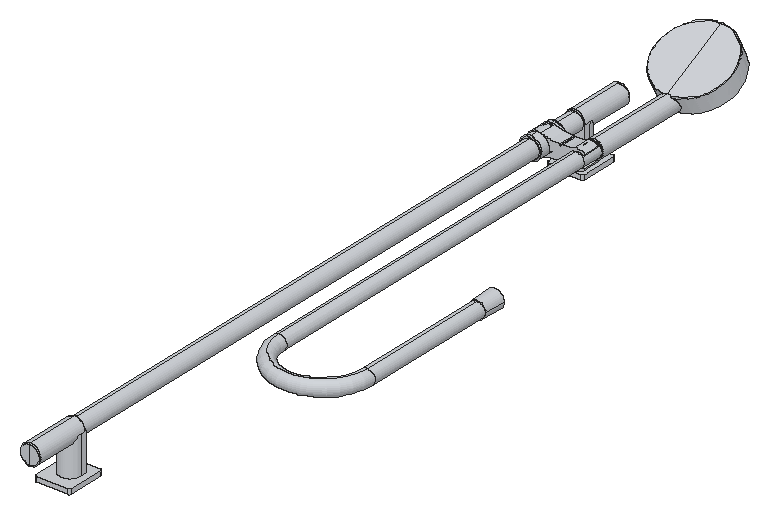
Revit family "Shower-Handshower-KOHLER-Awaken-K-99898", category Plumbing Fixtures, host Face, Revit 2015
Parameters (values of type "CP-Polished Chrome")
  Width = 4 13/16"  # constant formula
  URL = "http://www.us.kohler.com/us/"
  Type = 1
  Product Page URL = "http://www.us.kohler.com/onlinecatalog/detail.jsp?prod_num=99898"
  Product Name = "Awaken"  # constant formula
  Product Documentation Link = "http://www.us.kohler.com/onlinecatalog/pdf/K-99898_spec.pdf"
  Pressure = 0.00 psi
  Outlet Connection = ""
  Model = if(Type = 1, "K-99898-CP", if(Type = 2, "K-99898-BN", ""))  # "K-99898-CP"
  Material = "Premium Metal"  # constant formula
  MasterFormat 2004 = "22.41.39"  # constant formula
  MasterFormat 1995 = "15410"  # constant formula
  Manufacturer Address = "444 Highland Drive, Kohler, WI 53044"  # constant formula
  Manufacturer = "Kohler"  # constant formula
  Length = 8 25/32"  # constant formula
  Inlet Connection = ""
  Height = 46 9/16"  # constant formula
  HW Connection = yes
  Flow Rate = 2 GPM  # constant formula
  Finish = Metal-Kohler-CP-Polished Chrome
  Description = "G110 premium slidebar kit"  # constant formula
  Default Elevation = 42"
  Date Modified = "09/18/2017"  # constant formula
  Date Created = "08/30/2017"  # constant formula
  Copyright = "Copyright by Kohler Co."  # constant formula
  Contact Us = "https://www.us.kohler.com/us/static/contact.jsp"
  CW Connection = yes
  Assembly Code = "D2010700"
  ADA Compliant = yes
Types (3): name | Type | Model | Finish | Assembly Code
  (no name) | 1 | "K-99898-CP" | Metal-Kohler-CP-Polished Chrome | "D2010700"
  CP-Polished Chrome | 1 | "K-99898-CP" | Metal-Kohler-CP-Polished Chrome | "D2010700"
  BN-Vibrant Brushed Nickel | 2 | "K-99898-BN" | Metal-Kohler-BN-Vibrant Brushed Nickel | "D2010700\r\n"
Reference planes (in)
  plane 1 "Center (Front/Back)": y = 0
  plane 2: z = 0
  plane 3 "Center (Left/Right)": x = 0
  plane 4: y = -20.83139
  plane 5: y = 25.73111
  plane 6: x = 1.00394
  plane 7: x = -7.77731
  plane 8: z = 4.8125
Dimensions and locks (in)
  "Height": plane 4 to plane 5
  "Length": plane 7 to plane 6
  "Width": level to plane 8
  aligned and locked: plane 2 to host face
  aligned and locked: level to host face
Automatic sketch dimensions
  host sketch curve to host sketch curve = 96"  (x2)
Nested families (in)
  nested 1: "K_99898" at (-6.77352, 0, 0) x (1, 0, 0) z (0, 1, 0), type "K_99898"
Connectors (in)
  piping at (0.48068, 2.95154, 2.36811), diameter 0.5, driven by "Flow Rate", driven by "HW Connection"
    settings: on nested 1, index 1, connector inside diameter 24", connector length 0", flow factor 0, pipe flow 2 GPM, pressure drop 0.00 psi, fitting loss kfactor 0, connector angle 0.00°, fixture units 0, engagement length 0", angle of deflection 0.00°, flow configuration 0, flow direction 1, fitting loss method 0, system type 19, joint type 0, gender type 0, connector reference index -1, connector utility 1, adjustable connector no, is connector primary yes, connector description "Tempered Water"
Definition of nested family "K_99898"
  Parameters (values of type "K_99898")
    Material = none
    Default Elevation = 48"
  Reference planes (in)
    plane 1 "Center (Front/Back)": y = 0
    plane 2: z = 0
    plane 3 "Center (Left/Right)": x = 0
    plane 4 "Handle": x = 2.2542
    plane 5 "Handel_Front": y = -2.36811
  Forms (in)
    Extrusion 1, solid, material <- "Material"
      sketch origin (0, 0, 0) x (1, 0, 0) y (0, 0, 1)
        loop
          arc (-1.00394, 17.09128) -> (-0.96925, 17.00753) -> (-0.88549, 16.97283) r 0.11845
          line (-0.88549, 16.97283) -> (0.88725, 16.97283)
          arc (0.88725, 16.97283) -> (0.96976, 17.00701) -> (1.00394, 17.08952) r 0.11669
          line (1.00394, 17.08952) -> (1.00394, 19.14029)
          arc (1.00394, 19.14029) -> (0.96996, 19.22232) -> (0.88793, 19.2563) r 0.11601
          line (0.88793, 19.2563) -> (-0.88729, 19.2563)
          arc (-0.88729, 19.2563) -> (-0.96977, 19.22213) -> (-1.00394, 19.13966) r 0.11664
          line (-1.00394, 19.13966) -> (-1.00394, 17.09128)
        loop
          arc (0.88675, -19.25984) -> (0.96961, -19.22552) -> (1.00394, -19.14266) r 0.11719
          line (1.00394, -19.14266) -> (1.00394, -17.0942)
          arc (1.00394, -17.0942) -> (0.96943, -17.01089) -> (0.88611, -16.97638) r 0.11783
          line (0.88611, -16.97638) -> (-0.88675, -16.97638)
          arc (-0.88675, -16.97638) -> (-0.96961, -17.0107) -> (-1.00394, -17.09357) r 0.11719
          line (-1.00394, -17.09357) -> (-1.00394, -19.14266)
          arc (-1.00394, -19.14266) -> (-0.96961, -19.22552) -> (-0.88675, -19.25984) r 0.11719
          line (-0.88675, -19.25984) -> (0.88675, -19.25984)
      from 0 to 0.26906
    Extrusion 2, solid, material <- "Material"
      sketch origin (0, 0, 0) x (1, 0, 0) y (0, 0, 1)
        loop
          line (-0.0001, 17.61845) -> (0.59434, 17.61845) -> (0.59434, 18.00751)
          arc (0.59434, 18.00751) -> (-0.0001, 18.60195) -> (-0.59454, 18.00751) r 0.59444
          line (-0.59454, 18.00751) -> (-0.59454, 17.61845) -> (-0.0001, 17.61845)
        loop
          line (-0.0001, -17.61845) -> (-0.59454, -17.61845) -> (-0.59454, -18.00751)
          arc (-0.59454, -18.00751) -> (-0.0001, -18.60195) -> (0.59434, -18.00751) r 0.59444
          line (0.59434, -18.00751) -> (0.59434, -17.61845) -> (-0.0001, -17.61845)
      from 0 to 2.36813
    Revolve 3, solid, material <- "Material"
      sketch origin (0, 0, 0) x (0, 1, 0) y (0, 0, 1)
        loop
          line (-2.93488, 20.79604) -> (-2.93488, 17.6772)
          arc (-2.93488, 17.6772) -> (-2.92668, 17.6574) -> (-2.90688, 17.6492) r 0.02799
          line (-2.90688, 17.6492) -> (-2.85987, 17.6492) -> (-2.85987, 16.27874) -> (-2.97002, 16.27874)
          arc (-2.97002, 16.27874) -> (-2.99812, 16.26721) -> (-3.01002, 16.23926) r 0.04
          line (-3.01002, 16.23926) -> (-3.01274, 16.02992) -> (-2.98706, 14.55901)
          arc (-2.98706, 14.55901) -> (-2.97481, 14.53049) -> (-2.94608, 14.51874) r 0.04099
          line (-2.94608, 14.51874) -> (-2.86004, 14.51874) -> (-2.86004, -17.64943) -> (-2.90683, -17.64943)
          arc (-2.90683, -17.64943) -> (-2.92674, -17.65768) -> (-2.93498, -17.67759) r 0.02815
          line (-2.93498, -17.67759) -> (-2.93498, -20.79476)
          arc (-2.93498, -20.79476) -> (-2.92718, -20.81383) -> (-2.90826, -20.82196) r 0.0272
          line (-2.90826, -20.82196) -> (-2.36811, -20.83139) -> (-2.36811, 20.83232) -> (-2.90849, 20.82289)
          arc (-2.90849, 20.82289) -> (-2.92718, 20.81486) -> (-2.93488, 20.79604) r 0.02685
        axis (-2.36811, -20.83139) -> (-2.36811, 20.83232)
      angle from 0 to 360
    Extrusion 4, solid, material <- "Material"
      sketch origin (0, 0, 0) x (1, 0, 0) y (0, 1, 0)
        loop
          line (1.329, -1.976) -> (1.329, -2.02925) -> (1.289, -2.02925) -> (1.289, -1.97797)
          arc (1.289, -1.97797) -> (1.2785, -1.95262) -> (1.25315, -1.94212) r 0.03585
          arc (1.25315, -1.94212) -> (0.719, -1.89493) -> (0.2014, -1.75481) r 3.04643
          arc (0.2014, -1.75481) -> (-0.64552, -2.36811) -> (0.2014, -2.98141) r 0.64552
          arc (0.2014, -2.98141) -> (0.719, -2.84129) -> (1.25315, -2.7941) r 3.04643
          arc (1.25315, -2.7941) -> (1.2785, -2.7836) -> (1.289, -2.75825) r 0.03585
          line (1.289, -2.75825) -> (1.289, -2.70697) -> (1.329, -2.70697) -> (1.329, -2.76022)
          arc (1.329, -2.76022) -> (1.33874, -2.78374) -> (1.36227, -2.79349) r 0.03327
          line (1.36227, -2.79349) -> (1.39337, -2.79349)
          arc (1.39337, -2.79349) -> (1.7447, -2.82029) -> (2.08789, -2.90009) r 2.31565
          arc (2.08789, -2.90009) -> (2.39463, -2.90715) -> (2.6586, -2.75075) r 0.55719
          arc (2.6586, -2.75075) -> (2.66357, -2.72266) -> (2.63973, -2.70697) r 0.02595
          line (2.63973, -2.70697) -> (2.51848, -2.70697)
          arc (2.51848, -2.70697) -> (2.50253, -2.70936) -> (2.48797, -2.71629) r 0.05463
          arc (2.48797, -2.71629) -> (1.83385, -2.36812) -> (2.48796, -2.01992) r 0.41973
          arc (2.48796, -2.01992) -> (2.50253, -2.02686) -> (2.5185, -2.02925) r 0.05469
          line (2.5185, -2.02925) -> (2.64178, -2.02925)
          arc (2.64178, -2.02925) -> (2.66478, -2.01414) -> (2.66007, -1.98704) r 0.02507
          arc (2.66007, -1.98704) -> (2.39567, -1.82935) -> (2.08789, -1.83613) r 0.55719
          arc (2.08789, -1.83613) -> (1.7447, -1.91593) -> (1.39337, -1.94273) r 2.31565
          line (1.39337, -1.94273) -> (1.36227, -1.94273)
          arc (1.36227, -1.94273) -> (1.33874, -1.95248) -> (1.329, -1.976) r 0.03327
      from 15.04551 to 15.99788
    Revolve 5, solid, material <- "Material"
      sketch origin (2.2542, 0, 0) x (0, 1, 0) y (0, 0, 1)
        loop
          arc (-1.88142, 16.20374) -> (-1.86726, 16.20961) -> (-1.86139, 16.22376) r 0.02002
          line (-1.86139, 16.22376) -> (-1.86139, 21.85063) -> (-2.36811, 21.85063) -> (-2.36811, 14.95374) -> (-1.94339, 14.95374) -> (-1.94339, 16.20374) -> (-1.88142, 16.20374)
        axis (-2.36811, 14.95374) -> (-2.36811, 21.85063)
      angle from 0 to 360
    Revolve 6, solid, material <- "Material"
      sketch origin (2.2542, 0, 0) x (0, 1, 0) y (0, 0, 1)
        loop
          line (-3.81445, 23.28007) -> (-2.69332, 23.85131)
          arc (-2.69332, 23.85131) -> (-3.17984, 24.77708) -> (-3.69005, 25.69001) r 40.59997
          line (-3.69005, 25.69001) -> (-3.79354, 25.72102) -> (-4.78364, 25.22781)
          arc (-4.78364, 25.22781) -> (-4.79397, 25.21588) -> (-4.79277, 25.20013) r 0.02052
          line (-4.79277, 25.20013) -> (-3.81445, 23.28007)
        axis (-2.69332, 23.85131) -> (-3.81445, 23.28007)
      angle from 0 to 360
    Sweep 7, solid, material <- "Material"
      path origin (0, -2.36811, 0) x (-1, 0, 0) y (0, 0, 1)
        loop
          line (-2.2542, 14.95374) -> (-2.2542, -6.04626)
          arc (-2.2542, -6.04626) -> (-4.7542, -8.54626) -> (-7.2542, -6.04626) r 2.5
          line (-7.2542, -6.04626) -> (-7.2542, 1.70374)
      profile origin (2.2542, -2.36811, 4.45374) x (0, 1, 0) y (-1, 0, 0)
        loop
          circle (0, 0) r 0.42472
    Revolve 8, solid, material <- "Material"
      sketch origin (0, -2.36811, 0) x (-1, 0, 0) y (0, 0, 1)
        loop
          line (-7.2542, 1.70374) -> (-6.77452, 1.70374) -> (-6.73094, 2.95154) -> (-7.2542, 2.95154) -> (-7.2542, 1.70374)
        axis (-7.2542, 2.95154) -> (-7.2542, 1.70374)
      angle from 0 to 360
  Cuts and joins
    joined: Extrusion 1, Extrusion 2, Revolve 3, Revolve 5, Revolve 6, Sweep 7, Revolve 8
  Lines and regions (in)
    Masking region 1
      outline origin (0, -2.36811, 0) x (-1, 0, 0) y (0, 0, 1)
        loop
          spline (-1.74746, 21.41347) -> (-1.51693, 21.47517) -> (-1.29552, 21.55929) -> (-1.08594, 21.66478) -> (-0.89081, 21.79034) -> (-0.71251, 21.93443) -> (-0.55327, 22.09526) -> (-0.41505, 22.27084) -> (-0.29955, 22.45901) -> (-0.2082, 22.65743) -> (-0.14214, 22.86366) -> (-0.10217, 23.07516) -> (-0.08879, 23.28929)
          line (-0.08879, 23.28929) -> (-0.08879, 23.79162)
          spline (-0.08879, 23.79162) -> (-0.10731, 24.04346) -> (-0.16257, 24.29099) -> (-0.25362, 24.52997) -> (-0.3789, 24.75632) -> (-0.53626, 24.96617) -> (-0.72302, 25.15591) -> (-0.93598, 25.32232) -> (-1.17149, 25.46253) -> (-1.42553, 25.57415) -> (-1.69375, 25.65528) -> (-1.97156, 25.70451) -> (-2.2542, 25.72102)
          spline (-2.2542, 25.72102) -> (-2.53685, 25.70451) -> (-2.81465, 25.65528) -> (-3.08287, 25.57415) -> (-3.33691, 25.46253) -> (-3.57242, 25.32232) -> (-3.78538, 25.15591) -> (-3.97214, 24.96617) -> (-4.12951, 24.75632) -> (-4.25478, 24.52997) -> (-4.34583, 24.29099) -> (-4.40109, 24.04346) -> (-4.41962, 23.79162)
          line (-4.41962, 23.79162) -> (-4.41962, 23.28929)
          spline (-4.41962, 23.28929) -> (-4.40624, 23.07516) -> (-4.36627, 22.86366) -> (-4.3002, 22.65743) -> (-4.20885, 22.45901) -> (-4.09336, 22.27084) -> (-3.95513, 22.09526) -> (-3.79589, 21.93443) -> (-3.6176, 21.79034) -> (-3.42246, 21.66478) -> (-3.21289, 21.55929) -> (-2.99147, 21.47517) -> (-2.76094, 21.41347)
          line (-2.76094, 21.41347) -> (-2.76094, 16.22336)
          arc (-2.76094, 16.22336) -> (-2.75519, 16.20949) -> (-2.74132, 16.20374) r 0.01962
          line (-2.74132, 16.20374) -> (-2.67938, 16.20374) -> (-2.67938, -6.02824)
          arc (-2.67938, -6.02824) -> (-4.75443, -8.10329) -> (-6.82948, -6.02824) r 2.07505
          line (-6.82948, -6.02824) -> (-6.82948, 1.70374) -> (-6.77452, 1.70374) -> (-6.73094, 2.95154) -> (-7.77746, 2.95154) -> (-7.73389, 1.70374) -> (-7.67893, 1.70374) -> (-7.67893, -6.02824)
          arc (-7.67893, -6.02824) -> (-4.75398, -8.95319) -> (-1.82902, -6.02824) r 2.92495
          line (-1.82902, -6.02824) -> (-1.82902, 15.04551) -> (-0.62833, 15.04551) -> (-0.61989, 14.56212)
          arc (-0.61989, 14.56212) -> (-0.60669, 14.5314) -> (-0.57574, 14.51874) r 0.04415
          line (-0.57574, 14.51874) -> (-0.49177, 14.51874) -> (-0.49177, -16.97638) -> (-0.88983, -16.97638)
          arc (-0.88983, -16.97638) -> (-0.97052, -17.0098) -> (-1.00394, -17.09048) r 0.1141
          line (-1.00394, -17.09048) -> (-1.00394, -19.14609)
          arc (-1.00394, -19.14609) -> (-0.97062, -19.22653) -> (-0.89019, -19.25984) r 0.11375
          line (-0.89019, -19.25984) -> (-0.56687, -19.25984) -> (-0.56687, -20.79474)
          arc (-0.56687, -20.79474) -> (-0.55907, -20.81382) -> (-0.54013, -20.82195) r 0.02722
          line (-0.54013, -20.82195) -> (0, -20.83138) -> (0.54013, -20.82195)
          arc (0.54013, -20.82195) -> (0.55907, -20.81382) -> (0.56687, -20.79474) r 0.02722
          line (0.56687, -20.79474) -> (0.56687, -19.25984) -> (0.89019, -19.25984)
          arc (0.89019, -19.25984) -> (0.97062, -19.22653) -> (1.00394, -19.14609) r 0.11375
          line (1.00394, -19.14609) -> (1.00394, -17.09048)
          arc (1.00394, -17.09048) -> (0.97052, -17.0098) -> (0.88983, -16.97638) r 0.1141
          line (0.88983, -16.97638) -> (0.49177, -16.97638) -> (0.49177, 14.51874) -> (0.57574, 14.51874)
          arc (0.57574, 14.51874) -> (0.60669, 14.5314) -> (0.61989, 14.56212) r 0.04415
          line (0.61989, 14.56212) -> (0.62789, 15.02033) -> (0.64552, 15.04551) -> (0.64552, 16.23417)
          arc (0.64552, 16.23417) -> (0.63247, 16.26569) -> (0.60096, 16.27874) r 0.04457
          line (0.60096, 16.27874) -> (0.49177, 16.27874) -> (0.49177, 16.97283) -> (0.88447, 16.97283)
          arc (0.88447, 16.97283) -> (0.96894, 17.00783) -> (1.00394, 17.09231) r 0.11947
          line (1.00394, 17.09231) -> (1.00394, 19.14332)
          arc (1.00394, 19.14332) -> (0.97085, 19.22321) -> (0.89096, 19.2563) r 0.11298
          line (0.89096, 19.2563) -> (0.56687, 19.2563) -> (0.56687, 20.79695)
          arc (0.56687, 20.79695) -> (0.55942, 20.81516) -> (0.54134, 20.82293) r 0.02598
          line (0.54134, 20.82293) -> (0, 20.83238) -> (-0.54134, 20.82293)
          arc (-0.54134, 20.82293) -> (-0.55942, 20.81516) -> (-0.56687, 20.79695) r 0.02598
          line (-0.56687, 20.79695) -> (-0.56687, 19.2563) -> (-0.89096, 19.2563)
          arc (-0.89096, 19.2563) -> (-0.97085, 19.22321) -> (-1.00394, 19.14332) r 0.11298
          line (-1.00394, 19.14332) -> (-1.00394, 17.09231)
          arc (-1.00394, 17.09231) -> (-0.96894, 17.00783) -> (-0.88447, 16.97283) r 0.11947
          line (-0.88447, 16.97283) -> (-0.49177, 16.97283) -> (-0.49177, 16.27874) -> (-0.60096, 16.27874)
          arc (-0.60096, 16.27874) -> (-0.63247, 16.26569) -> (-0.64552, 16.23417) r 0.04457
          line (-0.64552, 16.23417) -> (-0.64552, 15.99788) -> (-1.82859, 15.99788) -> (-1.82859, 16.20374) -> (-1.76709, 16.20374)
          arc (-1.76709, 16.20374) -> (-1.75321, 16.20949) -> (-1.74746, 16.22336) r 0.01962
          line (-1.74746, 16.22336) -> (-1.74746, 21.41347)
    Masking region 2
      outline origin (0, 0, 0) x (1, 0, 0) y (0, 1, 0)
        loop
          line (1.00394, 0) -> (-1.00394, 0) -> (-1.00394, -0.26906) -> (-0.59454, -0.26906) -> (-0.59454, -2.11668)
          arc (-0.59454, -2.11668) -> (-0.51355, -2.75921) -> (0.08433, -3.0081) r 0.64552
          line (0.08433, -3.0081) -> (0.0791, -3.77665)
          arc (0.0791, -3.77665) -> (0.09895, -3.92733) -> (0.15902, -4.06693) r 0.55349
          arc (0.15902, -4.06693) -> (0.23187, -4.16771) -> (0.32016, -4.25527) r 0.76082
          arc (0.32016, -4.25527) -> (0.59597, -4.44589) -> (0.90272, -4.58119) r 1.77332
          arc (0.90272, -4.58119) -> (1.56968, -4.74382) -> (2.2542, -4.79593) r 4.21193
          arc (2.2542, -4.79593) -> (2.93872, -4.74382) -> (3.60569, -4.58119) r 4.21193
          arc (3.60569, -4.58119) -> (3.91244, -4.44589) -> (4.18824, -4.25527) r 1.77332
          arc (4.18824, -4.25527) -> (4.27653, -4.16771) -> (4.34938, -4.06693) r 0.76082
          arc (4.34938, -4.06693) -> (4.40946, -3.92733) -> (4.4293, -3.77665) r 0.55349
          line (4.4293, -3.77665) -> (4.41927, -2.79284) -> (6.94858, -2.79284)
          arc (6.94858, -2.79284) -> (7.49282, -2.83379) -> (7.77746, -2.36811) r 0.52326
          arc (7.77746, -2.36811) -> (7.49292, -1.90248) -> (6.94876, -1.94325) r 0.52326
          line (6.94876, -1.94325) -> (3.38771, -1.94325)
          spline (3.38771, -1.94325) -> (3.30256, -1.9196) -> (3.21503, -1.89782) -> (3.1253, -1.87796) -> (3.03358, -1.86006) -> (2.94009, -1.84418) -> (2.84504, -1.83034) -> (2.74864, -1.81857) -> (2.65111, -1.80891) -> (2.55268, -1.80137) -> (2.45356, -1.79597) -> (2.354, -1.79273) -> (2.2542, -1.79165)
          spline (2.2542, -1.79165) -> (2.1556, -1.79271) -> (2.05722, -1.79587) -> (1.95927, -1.80114) -> (1.86198, -1.8085) -> (1.76557, -1.81794) -> (1.67024, -1.82942) -> (1.57621, -1.84294) -> (1.48369, -1.85846) -> (1.39289, -1.87593) -> (1.304, -1.89534) -> (1.21722, -1.91662) -> (1.13276, -1.93974)
          arc (1.13276, -1.93974) -> (0.86199, -1.91691) -> (0.59434, -1.87003) r 3.04643
          line (0.59434, -1.87003) -> (0.59434, -0.26906) -> (1.00394, -0.26906) -> (1.00394, 0)
    Masking region 3
      outline origin (0, 0, 0) x (0, 1, 0) y (0, 0, 1)
        loop
          line (-4.80214, 25.21852) -> (-2.87491, 21.43613) -> (-2.87491, 20.8247) -> (-2.90585, 20.8247)
          arc (-2.90585, 20.8247) -> (-2.92661, 20.8161) -> (-2.9352, 20.79534) r 0.02936
          line (-2.9352, 20.79534) -> (-2.9352, 17.6757)
          arc (-2.9352, 17.6757) -> (-2.92747, 17.65704) -> (-2.90881, 17.64931) r 0.0264
          line (-2.90881, 17.64931) -> (-2.87451, 17.64931) -> (-2.87451, 16.27895) -> (-2.97047, 16.27895)
          arc (-2.97047, 16.27895) -> (-2.99826, 16.26754) -> (-3.01003, 16.23989) r 0.03956
          line (-3.01003, 16.23989) -> (-3.01274, 16.02992) -> (-3.01363, 15.99785) -> (-3.01363, 15.04551) -> (-2.98812, 14.55868)
          arc (-2.98812, 14.55868) -> (-2.97504, 14.53031) -> (-2.94603, 14.51874) r 0.04214
          line (-2.94603, 14.51874) -> (-2.86004, 14.51874) -> (-2.86004, -17.64943) -> (-2.9084, -17.64943)
          arc (-2.9084, -17.64943) -> (-2.92725, -17.65724) -> (-2.93506, -17.67609) r 0.02665
          line (-2.93506, -17.67609) -> (-2.93506, -20.79491)
          arc (-2.93506, -20.79491) -> (-2.9273, -20.81387) -> (-2.90848, -20.82195) r 0.02705
          line (-2.90848, -20.82195) -> (-2.36811, -20.83139) -> (-1.82774, -20.82195)
          arc (-1.82774, -20.82195) -> (-1.80892, -20.81387) -> (-1.80116, -20.79491) r 0.02705
          line (-1.80116, -20.79491) -> (-1.80116, -18.60195) -> (-0.26906, -18.60195) -> (-0.26906, -19.25984) -> (0, -19.25984) -> (0, -16.97638) -> (-0.26906, -16.97638) -> (-0.26906, -17.61845) -> (-1.87618, -17.61845) -> (-1.87618, 14.51874) -> (-1.79019, 14.51874)
          arc (-1.79019, 14.51874) -> (-1.76118, 14.53031) -> (-1.7481, 14.55868) r 0.04214
          line (-1.7481, 14.55868) -> (-1.72259, 15.04551) -> (-1.72259, 15.99785) -> (-1.72348, 16.02992) -> (-1.72619, 16.23989)
          arc (-1.72619, 16.23989) -> (-1.73796, 16.26754) -> (-1.76575, 16.27895) r 0.03956
          line (-1.76575, 16.27895) -> (-1.86172, 16.27895) -> (-1.86172, 17.61845) -> (-0.26906, 17.61845) -> (-0.26906, 16.97283) -> (0, 16.97283) -> (0, 19.2563) -> (-0.26906, 19.2563) -> (-0.26906, 18.60195) -> (-1.80102, 18.60195) -> (-1.80102, 20.79534)
          arc (-1.80102, 20.79534) -> (-1.80961, 20.8161) -> (-1.83037, 20.8247) r 0.02936
          line (-1.83037, 20.8247) -> (-1.86131, 20.8247) -> (-1.86131, 21.84454) -> (-1.82739, 21.86222) -> (-1.79165, 21.96418)
          arc (-1.79165, 21.96418) -> (-2.69272, 23.85162) -> (-3.69005, 25.69001) r 40.48942
          line (-3.69005, 25.69001) -> (-3.79354, 25.72102) -> (-4.80214, 25.21852)
    symbolic lines, detail levels medium+fine
      curve 1: spline (2.2542, -2.36811, 25.20825) -> (2.53588, -2.36811, 25.19185) -> (2.81277, -2.36811, 25.14295) -> (3.08017, -2.36811, 25.06238) -> (3.33353, -2.36811, 24.95149) -> (3.56856, -2.36811, 24.81218) -> (3.78125, -2.36811, 24.64682) -> (3.96798, -2.36811, 24.4582) -> (4.1256, -2.36811, 24.24955) -> (4.25141, -2.36811, 24.0244) -> (4.34329, -2.36811, 23.78659) -> (4.39967, -2.36811, 23.54014) -> (4.41958, -2.36811, 23.28926)
      curve 2: spline (0.08879, -2.36811, 23.27885) -> (0.10731, -2.36811, 23.53069) -> (0.16257, -2.36811, 23.77822) -> (0.25362, -2.36811, 24.0172) -> (0.3789, -2.36811, 24.24355) -> (0.53626, -2.36811, 24.45339) -> (0.72302, -2.36811, 24.64314) -> (0.93598, -2.36811, 24.80954) -> (1.17149, -2.36811, 24.94976) -> (1.42553, -2.36811, 25.06138) -> (1.69375, -2.36811, 25.14251) -> (1.97156, -2.36811, 25.19174) -> (2.2542, -2.36811, 25.20825)
      curve 3: spline (2.0691, -2.36811, 21.36701) -> (2.08186, -2.36811, 21.37714) -> (2.09529, -2.36811, 21.38656) -> (2.10932, -2.36811, 21.39525) -> (2.12392, -2.36811, 21.40317) -> (2.13902, -2.36811, 21.4103) -> (2.15458, -2.36811, 21.4166) -> (2.17053, -2.36811, 21.42207) -> (2.18683, -2.36811, 21.42666) -> (2.2034, -2.36811, 21.43038) -> (2.22019, -2.36811, 21.4332) -> (2.23715, -2.36811, 21.43512) -> (2.2542, -2.36811, 21.43613)
      curve 4: spline (2.2542, -2.36811, 21.43613) -> (2.27125, -2.36811, 21.43512) -> (2.28821, -2.36811, 21.4332) -> (2.305, -2.36811, 21.43038) -> (2.32157, -2.36811, 21.42666) -> (2.33787, -2.36811, 21.42207) -> (2.35382, -2.36811, 21.41661) -> (2.36938, -2.36811, 21.4103) -> (2.38448, -2.36811, 21.40318) -> (2.39908, -2.36811, 21.39526) -> (2.41311, -2.36811, 21.38657) -> (2.42653, -2.36811, 21.37715) -> (2.4393, -2.36811, 21.36702)
      curve 5: spline (2.4393, -2.36811, 21.36702) -> (2.44367, -2.36811, 21.36479) -> (2.44815, -2.36811, 21.3629) -> (2.45272, -2.36811, 21.36133) -> (2.45736, -2.36811, 21.36011) -> (2.46204, -2.36811, 21.35924) -> (2.46674, -2.36811, 21.35872) -> (2.47144, -2.36811, 21.35856) -> (2.47612, -2.36811, 21.35875) -> (2.48075, -2.36811, 21.35931) -> (2.48532, -2.36811, 21.36021) -> (2.48979, -2.36811, 21.36146) -> (2.49415, -2.36811, 21.36306)
      curve 6: spline (2.01425, -2.36811, 21.36306) -> (2.01864, -2.36811, 21.36146) -> (2.02314, -2.36811, 21.3602) -> (2.02772, -2.36811, 21.35929) -> (2.03236, -2.36811, 21.35873) -> (2.03705, -2.36811, 21.35854) -> (2.04175, -2.36811, 21.3587) -> (2.04645, -2.36811, 21.35921) -> (2.05112, -2.36811, 21.36009) -> (2.05575, -2.36811, 21.36131) -> (2.0603, -2.36811, 21.36288) -> (2.06475, -2.36811, 21.36478) -> (2.0691, -2.36811, 21.36701)
      curve 7: line (4.41962, -2.36811, 23.28929) -> (2.76094, -2.36811, 21.41347)
      curve 8: line (1.82948, -2.36811, 16.20374) -> (2.67938, -2.36811, 16.20374)
      curve 9: line (1.83385, -2.36811, 15.99788) -> (2.67938, -2.36811, 15.99788)
      curve 10: line (1.82902, -2.36811, 15.04551) -> (2.67938, -2.36811, 15.04551)
      curve 11: line (2.67938, -2.36811, 16.20374) -> (2.67938, -2.36811, 15.99788)
      curve 12: line (0.64552, -2.36811, 15.99788) -> (-0.64552, -2.36811, 15.99788)
      curve 13: line (0.62833, -2.36811, 15.04551) -> (-0.64552, -2.36811, 15.04551)
      curve 14: line (1.25315, -2.36811, 15.99788) -> (1.25315, -2.36811, 15.04551)
      curve 15: line (1.329, -2.36811, 15.99788) -> (1.329, -2.36811, 15.04551)
      curve 16: line (6.82948, -2.36811, 1.70374) -> (7.67893, -2.36811, 1.70374)
      curve 17: line (-0.49176, -2.36811, 16.27874) -> (0.49176, -2.36811, 16.27874)
      curve 18: line (-0.49177, -2.36811, 14.51874) -> (0.49177, -2.36811, 14.51874)
      curve 19: line (-0.56687, -2.36811, -19.25984) -> (-0.56687, -2.36811, -17.64943)
      curve 20: line (-0.56687, -2.36811, -17.64943) -> (0.56687, -2.36811, -17.64943)
      curve 21: line (0.56687, -2.36811, -19.25984) -> (0.56687, -2.36811, -17.64943)
      curve 22: line (-0.49177, -2.36811, -16.97638) -> (-0.49177, -2.36811, -17.64943)
      curve 23: line (0.49177, -2.36811, -16.97638) -> (0.49177, -2.36811, -17.64943)
      curve 24: line (-0.49177, -2.36811, 16.97283) -> (-0.49177, -2.36811, 18.18646)
      curve 25: line (0.49177, -2.36811, 16.97283) -> (0.49177, -2.36811, 18.18646)
      curve 26: line (0.56687, -2.36811, 19.2563) -> (0.56677, -2.36811, 18.18646)
      curve 27: line (0.56677, -2.36811, 18.18646) -> (0.49177, -2.36811, 18.18646)
      curve 28: line (-0.56687, -2.36811, 19.2563) -> (-0.56687, -2.36811, 18.18646)
      curve 29: line (-0.49177, -2.36811, 18.18646) -> (-0.56687, -2.36811, 18.18646)
      curve 30: line (-0.49177, -2.36811, 18.18646) -> (0.49177, -2.36811, 18.18646)
      curve 31: line (-0.59454, -0.26906, 0) -> (0.59434, -0.26906, 0)
      curve 32: spline (0.39626, -2.30552, 0) -> (0.26043, -2.45504, 0) -> (0.1825, -2.61287, 0) -> (0.16471, -2.77441, 0) -> (0.20759, -2.93497, 0) -> (0.3099, -3.0899, 0) -> (0.46866, -3.2347, 0) -> (0.67926, -3.36515, 0) -> (0.9356, -3.47748, 0) -> (1.23022, -3.56842, 0) -> (1.55457, -3.63533, 0) -> (1.89923, -3.67627, 0) -> (2.2542, -3.69005, 0)
      curve 33: spline (2.2542, -3.69005, 0) -> (2.6013, -3.67688, 0) -> (2.93876, -3.63773, 0) -> (3.25723, -3.5737, 0) -> (3.54786, -3.48654, 0) -> (3.80259, -3.37869, 0) -> (4.01434, -3.25314, 0) -> (4.17725, -3.11338, 0) -> (4.28679, -2.96327, 0) -> (4.33992, -2.80699, 0) -> (4.33516, -2.64888, 0) -> (4.27265, -2.49332, 0) -> (4.15413, -2.34463, 0)
      curve 34: line (0.59434, -1.87003, 0) -> (0.59434, -2.16368, 0)
      curve 35: arc (0, -2.93488, 0) -> (-0.56677, -2.36811, 0) -> (0, -1.80134, 0) r 0.56677
      curve 36: arc (0, -1.80134, 0) -> (0.33491, -1.91088, 0) -> (0.54037, -2.19716, 0) r 0.56677
      curve 37: spline (0.39626, -2.30552, 0) -> (0.23033, -2.46087, 0) -> (0.12683, -2.62701, 0) -> (0.08894, -2.7988, 0) -> (0.11784, -2.97095, 0) -> (0.21263, -3.13816, 0) -> (0.37039, -3.29525, 0) -> (0.58626, -3.4374, 0) -> (0.85357, -3.5602, 0) -> (1.16409, -3.65988, 0) -> (1.50822, -3.73337, 0) -> (1.87537, -3.77838, 0) -> (2.2542, -3.79354, 0)
      curve 38: spline (2.2542, -3.79354, 0) -> (2.63303, -3.77838, 0) -> (3.00018, -3.73337, 0) -> (3.34432, -3.65988, 0) -> (3.65483, -3.5602, 0) -> (3.92214, -3.4374, 0) -> (4.13801, -3.29525, 0) -> (4.29577, -3.13816, 0) -> (4.39057, -2.97095, 0) -> (4.41946, -2.7988, 0) -> (4.38158, -2.62701, 0) -> (4.27807, -2.46087, 0) -> (4.11214, -2.30552, 0)
      curve 39: line (0.08433, -3.0081, 0) -> (0.08924, -2.79034, 0)
      curve 40: arc (0.08613, -2.9283, 0) -> (0.04319, -2.93323, 0) -> (0, -2.93488, 0) r 0.56677
      curve 41: spline (2.2542, -1.79165, 0) -> (1.71306, -1.82399, 0) -> (1.2088, -1.91882, 0) -> (0.77578, -2.06966, 0) -> (0.44352, -2.26625, 0) -> (0.23465, -2.49518, 0) -> (0.1634, -2.74085, 0) -> (0.23465, -2.98652, 0) -> (0.44352, -3.21545, 0) -> (0.77578, -3.41204, 0) -> (1.2088, -3.56289, 0) -> (1.71306, -3.65771, 0) -> (2.2542, -3.69005, 0)
      curve 42: spline (4.15413, -2.34463, 0) -> (4.06276, -2.26458, 0) -> (3.95507, -2.18883, 0) -> (3.83204, -2.11807, 0) -> (3.69478, -2.05291, 0) -> (3.54452, -1.99397, 0) -> (3.38262, -1.94176, 0) -> (3.21054, -1.89677, 0) -> (3.02984, -1.85938, 0) -> (2.84214, -1.82995, 0) -> (2.64913, -1.80874, 0) -> (2.45256, -1.79593, 0) -> (2.2542, -1.79165, 0)
      curve 43: arc (6.73094, -2.36811, 0) -> (7.2542, -1.84485, 0) -> (7.77746, -2.36811, 0) r 0.52326
      curve 44: arc (7.77746, -2.36811, 0) -> (7.2542, -2.89137, 0) -> (6.73094, -2.36811, 0) r 0.52326
      curve 45: line (-0.59454, -2.11668, 0) -> (-0.59454, -2.36813, 0)
      curve 46: line (0, -1.86139, 21.85063) -> (0, -2.83282, 21.35352)
      curve 47: line (0, -4.80214, 25.21852) -> (0, -2.83282, 21.35352)
      curve 48: line (0, -1.86131, 20.8247) -> (0, -2.87491, 20.8247)
      curve 49: line (0, -1.86172, 17.61845) -> (0, -2.36813, 17.61845)
      curve 50: line (0, -1.86172, 16.27895) -> (0, -2.87451, 16.27895)
      curve 51: line (0, -1.72348, 16.02992) -> (0, -3.01274, 16.02992)
      curve 52: line (0, -1.87618, 14.51874) -> (0, -2.86004, 14.51874)
      curve 53: line (0, -1.72259, 15.04551) -> (0, -3.01363, 15.04551)
      curve 54: line (0, -1.87618, -17.61845) -> (0, -2.36813, -17.61845)
      curve 55: line (0, -2.36813, -18.18613) -> (0, -1.80124, -18.60195)
      curve 56: line (0, -1.80134, 18.60195) -> (0, -2.36813, 18.18646)
      curve 57: line (0, -2.36813, 17.61845) -> (0, -2.36813, 18.18646)
      curve 58: line (0, -2.36813, -17.61845) -> (0, -2.36813, -18.18613)
      curve 59: line (0, -0.26906, -18.60195) -> (0, -0.26906, -17.61845)
      curve 60: line (0, -2.86004, -17.64943) -> (0, -2.36813, -17.64943)
      curve 61: line (0, -0.26906, 18.60195) -> (0, -0.26906, 17.61845)
      curve 62: line (0, -2.87451, 17.64931) -> (0, -2.36813, 17.64931)
  Dimensions and locks (in)
    aligned and locked: plane 2 to level
